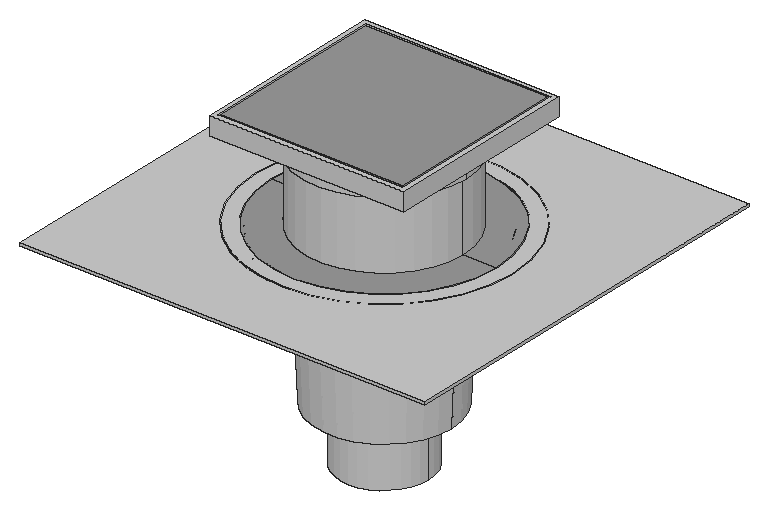
Revit family "HL_Дворовый трап серии Perfekt_HL616HW", category Instalační zařizovací předměty, Revit 2016
Family settings
  Typ součásti = Normální
  Kóta kulaté spojky = Použít průměr
  Číslo OmniClass = 23.70.50.21.24.14
  Nadpis OmniClass = Deck Waste Water Drains
  Založené na pracovní rovině = Ne
  Vždy vertikální = Ano
  Ořezat dutým tvarem při načtení = Ne
  Sdílené = Ne
  Bod výpočtu místnosti = Ano
Parameters (values of type "HL_Дворовый трап серии Perfekt_HL616HW_1")
  РЕШЁТКА = "Gusseisen 226 x 226 mm"
  РАЗМЕР = "DN110"
  ПРОПУСКНАЯ СПОСОБНОСТЬ [instance] = 0.0 L/s
  ПРОИЗВОДИТЕЛЬНОСТЬ = "2,1 l/s"
  ПРАВОВАЯ ИНФОРМАЦИЯ = "\"Авторские права(©), права на дизайн или какие либо другие права интелектуальной собственности являются исключительной собственностью компании HL Hutterer & Lechner. Изменению не подлежит. Файл семейства с данными о прозводителе изделия защищен паролем с водяным знаком.\""
  НОМИНАЛЬНЫЙ ДИАМЕТР = 110 mm
  НАСАДКА = "42-130 mm/240 x 240 mm"
  МАТЕРИАЛ = "PP"
  МАКСИМАЛЬНАЯ НАГРУЗКА КЛАССА = "L - 1,5 t"
  ВЫСОТА МОНТАЖА = "239 mm"
  ВЕС = "8,635 kg"
  Výrobce = "HL Hutterer & Lechner GmbH"
  URL = "http://www.hutterer-lechner.com/ru/products/catalog/roof-drains/HL616HW/1.aspx"
  Материал плитка [instance] = none
  Připojení ventilace = no
  Připojení odpadu = yes
  Připojení HW = no
  Připojení CW = no
  Popis = "Дворовый трап серии Perfekt DN110 вертикальный"
  Model = "HL616HW/1"
  Assembly Code = " "
  Komentáře k typům = "Дворовый трап серии Perfekt DN110 вертикальный с битумным полотном, 240х240мм ПП/226х226мм чугун с водяным затвором."
  Keynote = "HL616HW/1"
  IH [instance] = Высота монтажа 1 + Высота монтажа 2  # 130 mm
  Высота монтажа 2 [instance] = 0 mm
  Высота монтажа 1 [instance] = 130 mm
  G [instance] = 180.00°  # constant formula
  EAN = "9003076011513"
  D [instance] = IH + 165 mm  # 295 mm
  C [instance] = if(IH - 68 mm < 0 mm, 0 mm, IH - 68 mm)  # 62 mm
  B [instance] = 100 mm
  A [instance] = if(B - 100 mm > 15 mm, B - 100 mm, 15 mm)  # 15 mm
Types (3, lengths in mm): name | РАЗМЕР | НОМИНАЛЬНЫЙ ДИАМЕТР | ВЕС | URL | Popis | Model | Komentáře k typům | Keynote | EAN
  (no name) | "DN110" | 110 | "8,635 kg" | "http://www.hutterer-lechner.com/en/products/catalog/roof-drains/HL616HW/1.aspx" | 0 | "HL616HW/1" | "perfect-drain DN110 vertical with bitumen membrane, 240x240mm plastic/226x226mm cast iron with trap seal" | "HL616HW/1" | "9003076011513"
  HL_Дворовый трап серии Perfekt_HL616HW_1 | "DN110" | 110 | "8,635 kg" | "http://www.hutterer-lechner.com/ru/products/catalog/roof-drains/HL616HW/1.aspx" | "Дворовый трап серии Perfekt DN110 вертикальный" | "HL616HW/1" | "Дворовый трап серии Perfekt DN110 вертикальный с битумным полотном, 240х240мм ПП/226х226мм чугун с водяным затвором." | "HL616HW/1" | "9003076011513"
  HL_Дворовый трап серии Perfekt_HL616HW_5 | "DN160" | 160 | "8,641 kg" | "http://www.hutterer-lechner.com/ru/products/catalog/roof-drains/HL616HW/5.aspx" | "Дворовый трап серии Perfekt DN160 вертикальный" | "HL616HW/5" | "Дворовый трап серии Perfekt DN160 вертикальный с битумным полотном, 240х240мм ПП/226х226мм чугун с водяным затвором." | "HL616HW/5" | "9003076011537"
Values of the unnamed type that differ from the named types
  ПРАВОВАЯ ИНФОРМАЦИЯ = "\"Copyright (©), design rights or any other intellectual property rights, shall be the exclusive property of HL Hutterer & Lechner GmbH. Modification is not allowed. Family has been watermarked.\""
Reference planes
  plane 1 "Center (Front/Back)": y = 0
  plane 2: z = 0
  plane 3 "Center (Left/Right)": x = 0
  plane 4: z = -100
  plane 5: z = -130
  plane 6: z = -130
Lines and regions (mm)
  model lines, style "InvisibleLines"
    curve 1: line (0, 0, 0) -> (0, 0, 20)
  model lines, style "PlumbingFixtures", detail levels coarse+medium
    curve 2: line (0, 0, -100) -> (0, 0, -85)
    curve 3: line (0, 0, -85) -> (-85, 0, 0)
    curve 4: line (0, 0, -85) -> (85, 0, 0)
    curve 6: line (0, 0, -100) -> (0, 0, -395)
  reference lines, not visible
    curve 5: line (0, 0, -100) -> (0, 0, -395)
  symbolic lines, style "PlumbingFixtures", detail levels coarse+medium
    curve 7: line (-75, 75, 0) -> (75, 75, 0)
    curve 8: line (-75, -75, 0) -> (-75, 75, 0)
    curve 9: line (75, -75, 0) -> (-75, -75, 0)
    curve 10: line (75, 75, 0) -> (75, -75, 0)
    curve 11: line (-75, 75, 0) -> (-145.711, 145.711, 0)
    curve 12: line (75, 75, 0) -> (145.711, 145.711, 0)
    curve 13: line (-75, -75, 0) -> (-145.711, -145.711, 0)
    curve 14: line (75, -75, 0) -> (145.711, -145.711, 0)
  symbolic lines, style "PlumbingFixtures", not visible, detail levels coarse+medium
    curve 15: line (-75, 75, 0) -> (75, 75, 0)
    curve 16: line (-75, -75, 0) -> (-75, 75, 0)
    curve 17: line (75, -75, 0) -> (-75, -75, 0)
    curve 18: line (75, 75, 0) -> (75, -75, 0)
    curve 19: line (-75, 75, 0) -> (-145.711, 145.711, 0)
    curve 20: line (75, 75, 0) -> (145.711, 145.711, 0)
    curve 21: line (-75, -75, 0) -> (-145.711, -145.711, 0)
    curve 22: line (75, -75, 0) -> (145.711, -145.711, 0)
Text (mm)
  text "FLOOR" at (-162.344, 0, -10.979), in view "Слева"
Dimensions and locks
  "B": plane 2 to plane 4
  "IH": plane 2 to plane 5
  "A": curve 4 to plane 4
  "D": curve 5 to curve 5
  "D": curve 6 to curve 6
  "Высота монтажа 1": plane 2 to plane 6
  locked: curve 4 to plane 3 "Center (Left/Right)" (angle 45.00°)
  locked: plane 3 "Center (Left/Right)" to curve 3 (angle 45.00°)
  "G": angle curve 5 to plane 3 "Center (Left/Right)"
  aligned and locked: level to plane 2
  aligned and locked: plane 2 to curve 4
  aligned and locked: plane 2 to curve 3
  aligned and locked: plane 4 to curve 5
  aligned and locked: plane 3 "Center (Left/Right)" to curve 5
  aligned and locked: plane 4 to curve 2
  aligned and locked: plane 3 "Center (Left/Right)" to curve 6
  aligned and locked: plane 4 to curve 6
  aligned and locked: nested 1 to plane 3 "Center (Left/Right)"
  aligned and locked: nested 1 to plane 5
  aligned and locked: nested 2 to plane 3 "Center (Left/Right)"
  aligned and locked: nested 1 to nested 2
  aligned and locked: plane 3 "Center (Left/Right)" to nested 3
  aligned and locked: plane 2 to nested 3
  aligned and locked: plane 3 "Center (Left/Right)" to nested 4
  aligned and locked: nested 4 to nested 3
Automatic sketch dimensions
  curve 2 to plane 3 "Center (Left/Right)" = 0 mm
  curve 1 to plane 3 "Center (Left/Right)" = 0 mm
  curve 1 to level = 0 mm
  curve 1 to curve 1 = 20 mm
Nested families
  nested 1: "HL-кровельные воронки - корпус-HL616KH" at (0, 0, -129.974), type "HL-кровельные воронки - корпус-HL616KH_1"
  nested 2: "HL-Вкладыш запахозапирающий-HL0605.2E" at (0, 0, -190.474), type "HL-Вкладыш запахозапирающий-HL0605.2E"
  nested 3: "HL-Надставные элементы-HL621" at (0, 0, 0), Высота монтажа <- "Высота монтажа 1", type "HL-Надставные элементы-HL621"
    with Высота монтажа 130 mm, a 100 mm, Ihmin 42 mm, Ihmax 130 mm
  nested 4: "HL-Песколовка-HL0606.2E" at (0, 0, -22.999), type "HL-Песколовка-HL0606.2E"
Connectors
  piping at (0, 0, -395), diameter 110, driven by "ПРОПУСКНАЯ СПОСОБНОСТЬ", driven by "НОМИНАЛЬНЫЙ ДИАМЕТР"
    settings: on curve 5, index 1, connector inside diameter 609.6 mm, connector length 0 mm, flow factor 0, pipe flow 0.0 L/s, pressure drop 0.0 Pa, fitting loss kfactor 0, connector angle 0.00°, fixture units 0, engagement length 0 mm, angle of deflection 0.00°, flow configuration 1, flow direction 2, fitting loss method 0, system type 16, joint type 0, gender type 0, connector reference index -1, connector utility 0, adjustable connector yes, is connector primary yes, connector description ""
Definition of nested family "HL-кровельные воронки - корпус-HL616KH"
  Parameters
    РАЗМЕР = ""
    ПРАВОВАЯ ИНФОРМАЦИЯ = ""
    НОМИНАЛЬНЫЙ ДИАМЕТР = 110 mm
    МАТЕРИАЛ = ""
    ВЫСОТА МОНТАЖА = ""
    ВЕС = ""
    a = if(НОМИНАЛЬНЫЙ ДИАМЕТР = 11 mm, 62 mm, 67 mm)  # 67 mm
    Height = 0 mm
    Manufacturer = ""
    URL = ""
    Description = ""
    ND = НОМИНАЛЬНЫЙ ДИАМЕТР / 2  # 55 mm
    Model = ""
    материал 3 = none
    материал 2 = none
    материал = none
    Type Comments = ""
    Keynote = ""
    EAN = ""
    Cost = 0
  Types (3, lengths in mm): name | РАЗМЕР | ПРАВОВАЯ ИНФОРМАЦИЯ | МАТЕРИАЛ | ВЫСОТА МОНТАЖА | ВЕС | Manufacturer | URL | Description | Model | Type Comments | Keynote | EAN
    (no name) | "" | "" | "" | "" | "" | "" | "" | "" | "" | "" | "" | ""
    HL-кровельные воронки - корпус-HL616KH_1 | "DN110" | "\"Авторские права(©), права на дизайн или какие либо другие права интелектуальной собственности являются исключительной собственностью компании HL Hutterer & Lechner. Изменению не подлежит. Файл семейства с данными о прозводителе изделия защищен паролем с водяным знаком.\"" | "PP" | "197 mm" | "1,952 kg" | "HL Hutterer & Lechner GmbH" | "http://www.hutterer-lechner.com/ru/products/catalog/roof-drains/HL616KH/1.aspx" | "Дворовый трап серии Perfekt DN110 вертикальный" | "HL616KH/1" | "Корпус дворового трапа серии Perfekt DN110 вертикальный с битумным полотном." | "HL616KH/1" | "9003076012916"
    HL-кровельные воронки - корпус-HL616KH_5 | "DN160" | "\"Авторские права(©), права на дизайн или какие либо другие права интелектуальной собственности являются исключительной собственностью компании HL Hutterer & Lechner. Изменению не подлежит. Файл семейства с данными о прозводителе изделия защищен паролем с водяным знаком.\"" | "PP" | "197 mm" | "1,945 kg" | "HL Hutterer & Lechner GmbH" | "http://www.hutterer-lechner.com/ru/products/catalog/roof-drains/HL616KH/5.aspx" | "Дворовый трап серии Perfekt DN160 вертикальный" | "HL616KH/5" | "Корпус дворового трапа серии Perfekt DN160 вертикальный с битумным полотном." | "HL616KH/5" | "9003076012930"
  Reference planes
    plane 1 "Střed (vpředu/vzadu)": y = 0
    plane 2: z = 0
    plane 3 "Střed (vlevo/vpravo)": x = 0
    plane 4: z = -198
  Forms (mm)
    Revolve 1, solid, material <- "материал", detail levels fine
      sketch origin (0, 0, 0) x (1, 0, 0) y (0, 0, 1)
        loop
          line (158.746, -0.026) -> (145.781, -3.5) -> (135.781, -3.5) -> (134.096, -9.367) -> (127.541, -9.367) -> (127.541, -3.5) -> (99.151, -3.5) -> (99.151, -25.5) -> (90, -25.5) -> (90, -60.5) -> (85.551, -60.5) -> (79.463, -194) -> (51.105, -194) -> (51.105, -198) -> (83.393, -198) -> (89.481, -64.5) -> (94.013, -64.5) -> (94.013, -34.2) -> (103.091, -34.2) -> (103.091, -12.303) -> (134.671, -12.303)
          arc (134.671, -12.303) -> (136.701, -11.463) -> (137.542, -9.433) r 2.871
          line (137.542, -9.433) -> (137.542, -6.409) -> (146.262, -6.409) -> (158.746, -3.064) -> (158.746, -0.026)
        axis (0, -198) -> (0, -0.026)
      angle from 0 to 360
    Revolve 2, solid, material <- "материал", detail levels fine
      sketch origin (0, 0, 0) x (1, 0, 0) y (0, 0, 1)
        loop
          line (0, -198) -> (0, -265) -> (55, -265) -> (55, -198) -> (0, -198)
        axis (0, -198) -> (0, -265)
      angle from 0 to 360
    Extrusion 3, solid, detail levels fine
      sketch origin (0, 0, 0) x (1, 0, 0) y (0, 1, 0)
        loop
          line (250, 250) -> (-250, 250) -> (-250, -250) -> (250, -250) -> (250, 250)
        loop
          circle (0, 0) r 140
      from -3.5 to -0.026
    Revolve 4, solid, material <- "материал 2", detail levels fine
      sketch origin (0, 0, 0) x (1, 0, 0) y (0, 0, 1)
        loop
          line (-98.482, -0.026) -> (-139.232, -0.026) -> (-139.232, -3.064) -> (-98.482, -3.064) -> (-98.482, -0.026)
        axis (0, -3.064) -> (0, -0.026)
      angle from 0 to 360
  Dimensions and locks
    locked: plane 2 to plane 4 at 198
    "ND": Revolve 2 sketch curve to plane 3 "Střed (vlevo/vpravo)"
    "a": plane 4 to Revolve 2 sketch curve
    aligned and locked: level to plane 2
  Automatic sketch dimensions
    Revolve 1 sketch curve to plane 3 "Střed (vlevo/vpravo)" = 0 mm
    Revolve 1 sketch curve to plane 4 = 0 mm
    plane 4 to Revolve 1 sketch curve = 4 mm
    plane 3 "Střed (vlevo/vpravo)" to Revolve 1 sketch curve = 51.105 mm
    Revolve 1 sketch curve to Revolve 1 sketch curve = 28.358 mm
    Revolve 1 sketch curve to Revolve 1 sketch curve = 3.93 mm  (x2)
    plane 3 "Střed (vlevo/vpravo)" to Revolve 1 sketch curve = 85.551 mm
    Revolve 1 sketch curve to Revolve 1 sketch curve = 0.519 mm
    Revolve 1 sketch curve to Revolve 1 sketch curve = 4.013 mm
    Revolve 1 sketch curve to level = 3.5 mm  (x2)
    Revolve 1 sketch curve to Revolve 1 sketch curve = 9.151 mm
    Revolve 1 sketch curve to Revolve 1 sketch curve = 3.941 mm
    Revolve 1 sketch curve to Revolve 1 sketch curve = 24.449 mm
    Revolve 1 sketch curve to Revolve 1 sketch curve = 6.555 mm
    Revolve 1 sketch curve to Revolve 1 sketch curve = 0.575 mm
    Revolve 1 sketch curve to Revolve 1 sketch curve = 1.11 mm
    Revolve 1 sketch curve to Revolve 1 sketch curve = 1.761 mm
    Revolve 1 sketch curve to Revolve 1 sketch curve = 8.239 mm
    Revolve 1 sketch curve to Revolve 1 sketch curve = 0.481 mm
    Revolve 1 sketch curve to level = 0.026 mm
    Revolve 1 sketch curve to Revolve 1 sketch curve = 12.965 mm
    Revolve 1 sketch curve to Revolve 1 sketch curve = 61 mm
    Revolve 1 sketch curve to Revolve 1 sketch curve = 4 mm
    Revolve 1 sketch curve to Revolve 1 sketch curve = 26.3 mm
    Revolve 1 sketch curve to Revolve 1 sketch curve = 8.7 mm
    Revolve 1 sketch curve to Revolve 1 sketch curve = 8.804 mm
    Revolve 1 sketch curve to Revolve 1 sketch curve = 0.066 mm
    Revolve 1 sketch curve to Revolve 1 sketch curve = 3.024 mm
    Revolve 1 sketch curve to Revolve 1 sketch curve = 3.038 mm
    level to Revolve 1 sketch curve = 9.5 mm
    Revolve 1 sketch curve to Revolve 1 sketch curve = 50 mm
    Revolve 4 sketch curve to plane 3 "Střed (vlevo/vpravo)" = 0 mm
    Revolve 4 sketch curve to level = 0.026 mm
    Revolve 4 sketch curve to plane 3 "Střed (vlevo/vpravo)" = 98.482 mm
    Revolve 4 sketch curve to Revolve 4 sketch curve = 40.749 mm
    Revolve 4 sketch curve to Revolve 4 sketch curve = 3.038 mm
    level to Revolve 4 sketch curve = 24.974 mm
    Revolve 4 sketch curve to Revolve 4 sketch curve = 22.61 mm
    plane 1 "Střed (vpředu/vzadu)" to Extrusion 3 sketch curve = 0 mm
    Extrusion 3 sketch curve to plane 3 "Střed (vlevo/vpravo)" = 0 mm
    Extrusion 3 sketch curve to plane 3 "Střed (vlevo/vpravo)" = 250 mm
    plane 3 "Střed (vlevo/vpravo)" to Extrusion 3 sketch curve = 250 mm
    plane 1 "Střed (vpředu/vzadu)" to Extrusion 3 sketch curve = 250 mm
    Extrusion 3 sketch curve to plane 1 "Střed (vpředu/vzadu)" = 250 mm
    Revolve 2 sketch curve to plane 3 "Střed (vlevo/vpravo)" = 0 mm  (x2)
    Revolve 2 sketch curve to plane 4 = 0 mm
    Revolve 2 sketch curve to Revolve 2 sketch curve = 15 mm
    Revolve 2 sketch curve to Revolve 2 sketch curve = 25 mm
    radius of Extrusion 3 sketch curve = 140 mm
Definition of nested family "HL-Вкладыш запахозапирающий-HL0605.2E"
  Parameters
    ПРАВОВАЯ ИНФОРМАЦИЯ = ""
    МАТЕРИАЛ = ""
    ВЕС = ""
    Manufacturer = ""
    URL = ""
    Description = ""
    Model = ""
    материал 2 = none
    материал = none
    Type Comments = ""
    Keynote = ""
    EAN = ""
    Cost = 0
  Types (2, lengths in mm): name | ПРАВОВАЯ ИНФОРМАЦИЯ | МАТЕРИАЛ | ВЕС | Manufacturer | URL | Description | Model | Type Comments | Keynote | EAN
    (no name) | "" | "" | "" | "" | "" | "" | "" | "" | "" | ""
    HL-Вкладыш запахозапирающий-HL0605.2E | "\"Авторские права(©), права на дизайн или какие либо другие права интелектуальной собственности являются исключительной собственностью компании HL Hutterer & Lechner. Изменению не подлежит. Файл семейства с данными о прозводителе изделия защищен паролем с водяным знаком.\"" | "PP" | "0,192 kg" | "HL Hutterer & Lechner GmbH" | "http://www.hutterer-lechner.com/ru/products/catalog/roof-drains/HL0605.2E.aspx" | "Вкладыш запахозапирающий" | "HL0605.2E" | "Вкладыш водяного затвора комплектный" | "HL0605.2E" | "9003076009725"
  Reference planes
    plane 1 "Střed (vpředu/vzadu)": y = 0
    plane 2: z = 0
    plane 3 "Střed (vlevo/vpravo)": x = 0
  Forms (mm)
    Revolve 1, solid, material <- "материал 2", detail levels fine
      sketch origin (0, 0, 0) x (1, 0, 0) y (0, 0, 1)
        loop
          line (88, -3) -> (88, 0) -> (82.921, 0) -> (82.921, -1.338) -> (78.867, -6.169) -> (78.867, -19.629) -> (76.315, -48.796)
          arc (76.315, -48.796) -> (75.558, -51.125) -> (73.796, -52.827) r 5.066
          line (73.796, -52.827) -> (58.029, -61.938) -> (58.029, -93.034) -> (53.399, -98) -> (41.859, -98) -> (41.859, -83.043) -> (45.35, -83.043) -> (45.35, -33) -> (29.878, -33) -> (29.878, -100) -> (52.94, -100)
          arc (52.94, -100) -> (57.932, -97.932) -> (60, -92.939) r 7.061
          line (60, -92.939) -> (60, -65.894)
          arc (60, -65.894) -> (60.671, -63.394) -> (62.5, -61.564) r 5.003
          line (62.5, -61.564) -> (74.706, -54.511)
          arc (74.706, -54.511) -> (77.106, -52.212) -> (78.174, -49.065) r 6.994
          line (78.174, -49.065) -> (81.088, -15.754) -> (83.996, -15.499) -> (83.996, -12.378)
          arc (83.996, -12.378) -> (85.775, -10) -> (83.996, -7.623) r 2.478
          line (83.996, -7.623) -> (83.996, -3) -> (88, -3)
        axis (0, 0) -> (0, -100)
      angle from 0 to 360
    Revolve 2, solid, material <- "материал", detail levels fine
      sketch origin (0, 0, 0) x (1, 0, 0) y (0, 0, 1)
        loop
          line (47.229, -83.043) -> (47.229, -28.043)
          arc (47.229, -28.043) -> (43.63, -19.353) -> (34.94, -15.754) r 12.289
          line (34.94, -15.754) -> (0, -15.754) -> (0, -48.796) -> (45.35, -48.796) -> (45.35, -83.043) -> (47.229, -83.043)
        axis (0, -83.043) -> (0, -15.754)
      angle from 0 to 360
  Dimensions and locks
    aligned and locked: level to plane 2
Definition of nested family "HL-Надставные элементы-HL621"
  Parameters (values of type "HL-Надставные элементы-HL621")
    РЕШЁТКА = "Gusseisen 226x226mm"
    РАЗМЕР = "d 195mm"
    ПРАВОВАЯ ИНФОРМАЦИЯ = "\"Авторские права(©), права на дизайн или какие либо другие права интелектуальной собственности являются исключительной собственностью компании HL Hutterer & Lechner. Изменению не подлежит. Файл семейства с данными о прозводителе изделия защищен паролем с водяным знаком.\""
    НАСАДКА = "240x240mm"
    МАТЕРИАЛ = "PP, Gusseisen"
    МАКСИМАЛЬНАЯ НАГРУЗКА КЛАССА = "L - 1,5 t"
    ВЫСОТА МОНТАЖА = "144 mm"
    ВЕС = "6,51 [kg]"
    a [instance] = if(Высота монтажа < Ihmin, -10 mm, if(Высота монтажа > Ihmax, -10 mm, Высота монтажа - 30 mm))  # 100 mm
    Manufacturer = "HL Hutterer & Lechner GmbH"
    URL = "http://www.hutterer-lechner.com/ru/products/catalog/roof-drains/HL621.aspx"
    Description = "Надставные элементы"
    Model = "HL621"
    материал 2 = none
    материал = none
    Type Comments = "Насадка d 195мм/240х240мм/226х226мм чугун"
    Keynote = "HL621"
    Высота монтажа [instance] = 130 mm
    Ihmin [instance] = 42 mm
    Ihmax [instance] = 130 mm
    EAN = "9003076014644"
    Cost = 0
  Values of the unnamed type that differ from the named types
    РЕШЁТКА = ""
    РАЗМЕР = ""
    ПРАВОВАЯ ИНФОРМАЦИЯ = ""
    НАСАДКА = ""
    МАТЕРИАЛ = ""
    МАКСИМАЛЬНАЯ НАГРУЗКА КЛАССА = ""
    ВЫСОТА МОНТАЖА = ""
    ВЕС = ""
    Manufacturer = ""
    URL = ""
    Description = ""
    Model = ""
    Type Comments = ""
    Keynote = ""
    EAN = ""
  Reference planes
    plane 1 "Střed (vpředu/vzadu)": y = 0
    plane 2: z = 0
    plane 3 "Střed (vlevo/vpravo)": x = 0
    plane 4: z = -45
    plane 5: z = -145
  Forms (mm)
    Extrusion 1, solid, material <- "материал", detail levels fine
      sketch origin (0, 0, 0) x (1, 0, 0) y (0, 1, 0)
        loop
          line (-112.5, 112.5) -> (-112.5, -112.5) -> (112.5, -112.5) -> (112.5, 112.5) -> (-112.5, 112.5)
      from 0 to -20
    Extrusion 2, solid, material <- "материал 2", detail levels fine
      sketch origin (0, 0, 0) x (1, 0, 0) y (0, 1, 0)
        loop
          line (114.5, -114.5) -> (114.5, 114.5) -> (-114.5, 114.5) -> (-114.5, -114.5) -> (114.5, -114.5)
        loop
          line (-120, 120) -> (-120, -120) -> (120, -120) -> (120, 120) -> (-120, 120)
      from 0 to -20
    Extrusion 3, solid, material <- "материал 2", detail levels fine
      sketch origin (0, 0, 0) x (1, 0, 0) y (0, 1, 0)
        loop
          line (120, -120) -> (120, 120) -> (-120, 120) -> (-120, -120) -> (120, -120)
      from -20 to -23
    Revolve 4, solid, material <- "материал 2", detail levels fine
      sketch origin (0, 0, 0) x (1, 0, 0) y (0, 0, 1)
        loop
          line (0, -23) -> (-101.5, -23) -> (-101.5, -45) -> (0, -45) -> (0, -23)
        axis (0, -45) -> (0, -23)
      angle from 0 to 360
    Revolve 5, solid, material <- "материал 2", detail levels fine
      sketch origin (0, 0, 0) x (1, 0, 0) y (0, 0, 1)
        loop
          line (0, -45) -> (0, -145) -> (97.213, -145) -> (97.213, -45) -> (0, -45)
        axis (0, -45) -> (0, -145)
      angle from 0 to 360
  Cuts and joins
    joined: Extrusion 2, Extrusion 3
  Lines and regions (mm)
    model lines, detail levels fine
      curve 1: line (10.96, 46.315, 0) -> (45.608, 80.964, 0)
      curve 2: line (56.215, 70.357, 0) -> (21.567, 35.709, 0)
      curve 3: line (35.709, 21.567, 0) -> (70.357, 56.215, 0)
      curve 4: line (80.964, 45.608, 0) -> (46.315, 10.96, 0)
      curve 5: line (92, 7.5, 0) -> (72.5, 7.5, 0)
      curve 6: line (92, -7.5, 0) -> (72.5, -7.5, 0)
      curve 7: arc (92, -7.5, 0) -> (99.5, 0, 0) -> (92, 7.5, 0) r 7.5
      curve 8: arc (72.5, -7.5, 0) -> (65, 0, 0) -> (72.5, 7.5, 0) r 7.5
      curve 9: arc (80.964, 45.608, 0) -> (80.964, 56.215, 0) -> (70.357, 56.215, 0) r 7.5
      curve 10: arc (56.215, 70.357, 0) -> (56.215, 80.964, 0) -> (45.608, 80.964, 0) r 7.5
      curve 11: arc (21.567, 35.709, 0) -> (10.96, 35.709, 0) -> (10.96, 46.315, 0) r 7.5
      curve 12: arc (46.315, 10.96, 0) -> (35.709, 10.96, 0) -> (35.709, 21.567, 0) r 7.5
      curve 13: line (7.5, 92, 0) -> (7.5, 72.5, 0)
      curve 14: line (-7.5, 92, 0) -> (-7.5, 72.5, 0)
      curve 15: arc (-7.5, 92, 0) -> (0, 99.5, 0) -> (7.5, 92, 0) r 7.5
      curve 16: arc (-7.5, 72.5, 0) -> (0, 65, 0) -> (7.5, 72.5, 0) r 7.5
      curve 17: line (7.5, -92, 0) -> (7.5, -72.5, 0)
      curve 18: line (-7.5, -92, 0) -> (-7.5, -72.5, 0)
      curve 19: arc (-7.5, -92, 0) -> (0, -99.5, 0) -> (7.5, -92, 0) r 7.5
      curve 20: arc (-7.5, -72.5, 0) -> (0, -65, 0) -> (7.5, -72.5, 0) r 7.5
      curve 21: line (92, -7.5, 0) -> (72.5, -7.5, 0)
      curve 22: line (92, 7.5, 0) -> (72.5, 7.5, 0)
      curve 23: arc (92, 7.5, 0) -> (99.5, 0, 0) -> (92, -7.5, 0) r 7.5
      curve 24: arc (72.5, 7.5, 0) -> (65, 0, 0) -> (72.5, -7.5, 0) r 7.5
      curve 25: line (-92, -7.5, 0) -> (-72.5, -7.5, 0)
      curve 26: arc (-92, -7.5, 0) -> (-99.5, 0, 0) -> (-92, 7.5, 0) r 7.5
      curve 27: arc (-72.5, -7.5, 0) -> (-65, 0, 0) -> (-72.5, 7.5, 0) r 7.5
      curve 28: line (-92, -7.5, 0) -> (-72.5, -7.5, 0)
      curve 29: line (-92, 7.5, 0) -> (-72.5, 7.5, 0)
      curve 30: arc (-92, 7.5, 0) -> (-99.5, 0, 0) -> (-92, -7.5, 0) r 7.5
      curve 31: arc (-72.5, 7.5, 0) -> (-65, 0, 0) -> (-72.5, -7.5, 0) r 7.5
      curve 32: line (-10.96, 46.315, 0) -> (-45.608, 80.964, 0)
      curve 33: line (-56.215, 70.357, 0) -> (-21.567, 35.709, 0)
      curve 34: line (-35.709, 21.567, 0) -> (-70.357, 56.215, 0)
      curve 35: line (-80.964, 45.608, 0) -> (-46.315, 10.96, 0)
      curve 36: arc (-80.964, 45.608, 0) -> (-80.964, 56.215, 0) -> (-70.357, 56.215, 0) r 7.5
      curve 37: arc (-56.215, 70.357, 0) -> (-56.215, 80.964, 0) -> (-45.608, 80.964, 0) r 7.5
      curve 38: arc (-21.567, 35.709, 0) -> (-10.96, 35.709, 0) -> (-10.96, 46.315, 0) r 7.5
      curve 39: arc (-46.315, 10.96, 0) -> (-35.709, 10.96, 0) -> (-35.709, 21.567, 0) r 7.5
      curve 40: line (10.96, -46.315, 0) -> (45.608, -80.964, 0)
      curve 41: line (56.215, -70.357, 0) -> (21.567, -35.709, 0)
      curve 42: line (35.709, -21.567, 0) -> (70.357, -56.215, 0)
      curve 43: line (80.964, -45.608, 0) -> (46.315, -10.96, 0)
      curve 44: arc (80.964, -45.608, 0) -> (80.964, -56.215, 0) -> (70.357, -56.215, 0) r 7.5
      curve 45: arc (56.215, -70.357, 0) -> (56.215, -80.964, 0) -> (45.608, -80.964, 0) r 7.5
      curve 46: arc (21.567, -35.709, 0) -> (10.96, -35.709, 0) -> (10.96, -46.315, 0) r 7.5
      curve 47: arc (46.315, -10.96, 0) -> (35.709, -10.96, 0) -> (35.709, -21.567, 0) r 7.5
      curve 48: line (-10.96, -46.315, 0) -> (-45.608, -80.964, 0)
      curve 49: line (-56.215, -70.357, 0) -> (-21.567, -35.709, 0)
      curve 50: line (-35.709, -21.567, 0) -> (-70.357, -56.215, 0)
      curve 51: line (-80.964, -45.608, 0) -> (-46.315, -10.96, 0)
      curve 52: arc (-80.964, -45.608, 0) -> (-80.964, -56.215, 0) -> (-70.357, -56.215, 0) r 7.5
      curve 53: arc (-56.215, -70.357, 0) -> (-56.215, -80.964, 0) -> (-45.608, -80.964, 0) r 7.5
      curve 54: arc (-21.567, -35.709, 0) -> (-10.96, -35.709, 0) -> (-10.96, -46.315, 0) r 7.5
      curve 55: arc (-46.315, -10.96, 0) -> (-35.709, -10.96, 0) -> (-35.709, -21.567, 0) r 7.5
  Dimensions and locks
    locked: plane 2 to plane 4 at 45
    "a": plane 4 to Revolve 5 sketch curve
    locked: plane 2 to plane 5 at 145
    aligned and locked: level to plane 2
    aligned and locked: plane 4 to Revolve 5 sketch curve
  Automatic sketch dimensions
    curve 7 to curve 23 = 0 mm  (x2)
    curve 8 to curve 24 = 0 mm  (x2)
    curve 26 to curve 30 = 0 mm  (x2)
    curve 27 to curve 31 = 0 mm  (x2)
    plane 1 "Střed (vpředu/vzadu)" to curve 26 = 0 mm
    curve 16 to plane 3 "Střed (vlevo/vpravo)" = 0 mm
    curve 20 to plane 3 "Střed (vlevo/vpravo)" = 0 mm
    plane 1 "Střed (vpředu/vzadu)" to curve 24 = 0 mm
    curve 18 to plane 3 "Střed (vlevo/vpravo)" = 7.5 mm
    curve 14 to plane 3 "Střed (vlevo/vpravo)" = 7.5 mm
    curve 32 to plane 3 "Střed (vlevo/vpravo)" = 10.96 mm
    curve 48 to plane 3 "Střed (vlevo/vpravo)" = 10.96 mm
    curve 54 to curve 54 = 5.303 mm  (x2)
    curve 38 to curve 38 = 5.303 mm  (x2)
    curve 49 to curve 54 = 5.303 mm
    curve 33 to curve 38 = 5.303 mm
    curve 34 to curve 33 = 14.142 mm
    curve 50 to curve 49 = 14.142 mm
    curve 39 to curve 34 = 5.303 mm
    curve 55 to curve 50 = 5.303 mm
    curve 48 to curve 20 = 38.108 mm
    curve 32 to curve 14 = 38.108 mm
    curve 35 to plane 1 "Střed (vpředu/vzadu)" = 10.96 mm
    curve 35 to curve 39 = 5.303 mm
    plane 1 "Střed (vpředu/vzadu)" to curve 51 = 10.96 mm
    curve 51 to curve 55 = 5.303 mm
    curve 53 to curve 48 = 5.303 mm
    curve 37 to curve 32 = 5.303 mm
    curve 49 to curve 53 = 5.303 mm
    curve 33 to curve 37 = 5.303 mm  (x2)
    curve 34 to curve 37 = 14.142 mm
    curve 50 to curve 53 = 14.142 mm
    curve 27 to curve 39 = 26.185 mm
    curve 36 to curve 34 = 5.303 mm
    curve 52 to curve 50 = 5.303 mm
    curve 35 to plane 1 "Střed (vpředu/vzadu)" = 45.608 mm
    curve 35 to curve 36 = 5.303 mm  (x2)
    plane 1 "Střed (vpředu/vzadu)" to curve 51 = 45.608 mm
    curve 51 to curve 52 = 5.303 mm
    plane 1 "Střed (vpředu/vzadu)" to curve 28 = 7.5 mm
    curve 28 to curve 25 = 19.5 mm
    plane 3 "Střed (vlevo/vpravo)" to curve 1 = 10.96 mm
    plane 3 "Střed (vlevo/vpravo)" to curve 40 = 10.96 mm
    curve 11 to curve 11 = 5.303 mm
    curve 46 to curve 46 = 5.303 mm  (x2)
    curve 11 to curve 2 = 5.303 mm
    curve 46 to curve 41 = 5.303 mm
    curve 2 to curve 3 = 14.142 mm
    curve 41 to curve 42 = 14.142 mm  (x3)
    curve 42 to curve 47 = 5.303 mm
    curve 3 to curve 12 = 5.303 mm
    curve 13 to curve 1 = 38.108 mm
    curve 17 to curve 40 = 38.108 mm
    plane 1 "Střed (vpředu/vzadu)" to curve 43 = 10.96 mm
    curve 47 to curve 43 = 5.303 mm
    curve 4 to plane 1 "Střed (vpředu/vzadu)" = 10.96 mm
    curve 12 to curve 4 = 5.303 mm
    curve 1 to curve 10 = 5.303 mm
    curve 40 to curve 45 = 5.303 mm
    curve 45 to curve 41 = 5.303 mm  (x2)
    curve 10 to curve 2 = 5.303 mm
    curve 10 to curve 3 = 14.142 mm
    curve 43 to curve 24 = 26.185 mm
    curve 42 to curve 44 = 5.303 mm
    curve 3 to curve 9 = 5.303 mm
    plane 1 "Střed (vpředu/vzadu)" to curve 43 = 45.608 mm
    curve 44 to curve 43 = 5.303 mm
    curve 4 to plane 1 "Střed (vpředu/vzadu)" = 45.608 mm
    curve 9 to curve 4 = 5.303 mm
    curve 5 to plane 1 "Střed (vpředu/vzadu)" = 7.5 mm
    curve 22 to curve 5 = 19.5 mm
    plane 1 "Střed (vpředu/vzadu)" to curve 48 = 46.315 mm
    curve 48 to curve 40 = 0 mm
    curve 52 to curve 52 = 5.303 mm
    curve 44 to curve 44 = 5.303 mm
    curve 49 to curve 50 = 14.142 mm
    curve 17 to curve 40 = 26.185 mm
    curve 53 to curve 49 = 5.303 mm
    curve 17 to curve 20 = 19.5 mm
    curve 42 to curve 47 = 10.607 mm
    curve 50 to curve 51 = 10.607 mm
    curve 4 to curve 12 = 5.303 mm
    curve 39 to curve 39 = 5.303 mm
    curve 39 to curve 33 = 14.142 mm
    curve 12 to curve 2 = 14.142 mm
    curve 2 to curve 11 = 5.303 mm
    curve 9 to curve 9 = 5.303 mm
    curve 3 to curve 2 = 14.142 mm
    curve 36 to curve 33 = 14.142 mm
    curve 11 to curve 13 = 26.185 mm
    curve 2 to curve 10 = 5.303 mm
    curve 14 to curve 14 = 19.5 mm
    Extrusion 1 sketch curve to plane 3 "Střed (vlevo/vpravo)" = 112.5 mm
    plane 3 "Střed (vlevo/vpravo)" to Extrusion 1 sketch curve = 112.5 mm
    plane 1 "Střed (vpředu/vzadu)" to Extrusion 1 sketch curve = 112.5 mm
    Extrusion 1 sketch curve to plane 1 "Střed (vpředu/vzadu)" = 112.5 mm
    Extrusion 2 sketch curve to plane 3 "Střed (vlevo/vpravo)" = 120 mm
    Extrusion 2 sketch curve to Extrusion 2 sketch curve = 5.5 mm  (x4)
    plane 3 "Střed (vlevo/vpravo)" to Extrusion 2 sketch curve = 114.5 mm
    plane 1 "Střed (vpředu/vzadu)" to Extrusion 2 sketch curve = 120 mm
    Extrusion 2 sketch curve to plane 1 "Střed (vpředu/vzadu)" = 114.5 mm
    Extrusion 3 sketch curve to plane 3 "Střed (vlevo/vpravo)" = 120 mm
    plane 3 "Střed (vlevo/vpravo)" to Extrusion 3 sketch curve = 120 mm
    plane 1 "Střed (vpředu/vzadu)" to Extrusion 3 sketch curve = 120 mm
    Extrusion 3 sketch curve to plane 1 "Střed (vpředu/vzadu)" = 120 mm
    Revolve 4 sketch curve to plane 4 = 0 mm
    Revolve 4 sketch curve to plane 3 "Střed (vlevo/vpravo)" = 0 mm  (x2)
    plane 4 to Revolve 4 sketch curve = 22 mm
    Revolve 4 sketch curve to plane 3 "Střed (vlevo/vpravo)" = 101.5 mm
    level to Revolve 4 sketch curve = 32 mm
    Revolve 4 sketch curve to Revolve 4 sketch curve = 90 mm
    Revolve 5 sketch curve to plane 3 "Střed (vlevo/vpravo)" = 0 mm  (x2)
    plane 3 "Střed (vlevo/vpravo)" to Revolve 5 sketch curve = 97.213 mm
    Revolve 5 sketch curve to Revolve 5 sketch curve = 38.999 mm
    Revolve 5 sketch curve to Revolve 5 sketch curve = 140 mm
Definition of nested family "HL-Песколовка-HL0606.2E"
  Parameters (values of type "HL-Песколовка-HL0606.2E")
    ПРАВОВАЯ ИНФОРМАЦИЯ = "\"Авторские права(©), права на дизайн или какие либо другие права интелектуальной собственности являются исключительной собственностью компании HL Hutterer & Lechner. Изменению не подлежит. Файл семейства с данными о прозводителе изделия защищен паролем с водяным знаком.\""
    МАТЕРИАЛ = "PP"
    ВЕС = "0,09 kg"
    Manufacturer = "HL Hutterer & Lechner GmbH"
    URL = "http://www.hutterer-lechner.com/ru/products/catalog/roof-drains/HL0606.2E.aspx"
    Description = "Песколовка"
    Model = "HL0606.2E"
    материал = none
    Type Comments = "Песколовка"
    Keynote = "HL0606.2E"
    EAN = "9003076060627"
    Cost = 0
  Values of the unnamed type that differ from the named types
    ПРАВОВАЯ ИНФОРМАЦИЯ = ""
    МАТЕРИАЛ = ""
    ВЕС = ""
    Manufacturer = ""
    URL = ""
    Description = ""
    Model = ""
    Type Comments = ""
    Keynote = ""
    EAN = ""
  Reference planes
    plane 1 "Střed (vpředu/vzadu)": y = 0
    plane 2: z = 0
    plane 3 "Střed (vlevo/vpravo)": x = 0
  Forms (mm)
    Revolve 1, solid, material <- "материал", detail levels fine
      sketch origin (0, 0, 0) x (1, 0, 0) y (0, 0, 1)
        loop
          line (0, -55.952) -> (0, -58.018) -> (57.601, -56.006)
          arc (57.601, -56.006) -> (65.932, -53.053) -> (69.532, -44.98) r 11.208
          line (69.532, -44.98) -> (72.482, -41.586) -> (75.031, -12.448) -> (75.865, -6.515)
          arc (75.865, -6.515) -> (76.428, -5.156) -> (77.786, -4.594) r 1.921
          line (77.786, -4.594) -> (95.979, -3.002) -> (95.979, -0.001) -> (73.246, -1.99) -> (69.436, -41.391) -> (67.501, -43.326)
          arc (67.501, -43.326) -> (65.111, -51.02) -> (57.603, -53.94) r 9.273
          line (57.603, -53.94) -> (0, -55.952)
        axis (0, -58.018) -> (0, -0.001)
      angle from 0 to 360
  Dimensions and locks
    aligned and locked: level to plane 2
